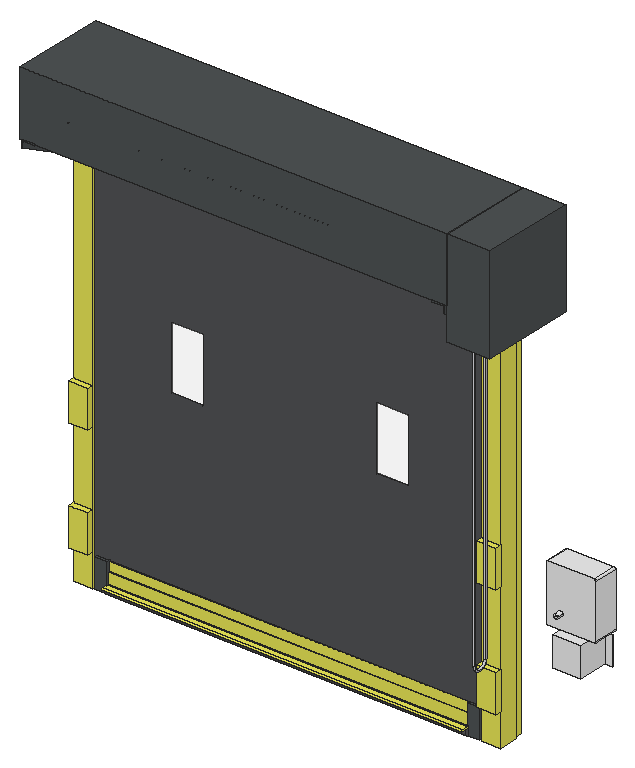
Revit family "Doors_Other_Overhead-Door-Corporation_RapidFlex-High-Speed-Exterior-Fabric-Door-995", category Specialty Equipment, host Wall, Revit 2019 (continued)
Definition of nested family "Lifts"
  Definition of nested family "General Motor"
    Automatic sketch dimensions
      Extrusion 7 sketch curve to plane 1 "Center (Front/Back)" = 0' - 0 1/4"
      level to Extrusion 7 sketch curve = 0' - 0.846"
      Extrusion 7 sketch curve to level = 0' - 5.846"
      Extrusion 8 sketch curve to plane 6 = 0' - 0"
      Extrusion 8 sketch curve to plane 1 "Center (Front/Back)" = 0' - 10.6"
      Extrusion 8 sketch curve to Extrusion 8 sketch curve = 0' - 2.6"
      Extrusion 9 sketch curve to plane 1 "Center (Front/Back)" = 0' - 8.066"
      Extrusion 9 sketch curve to level = 1' - 7.69509"
      Sweep 10 sketch curve to profile plane = 0' - 0.2675"
      profile plane to Sweep 10 sketch curve = 0' - 3.18196"
      Masking region 2 sketch curve to plane 3 "Center (Left/Right)" = 0' - 0"
      Masking region 2 sketch curve to plane 3 "Center (Left/Right)" = 0' - 1.97"  (x2)
      Masking region 2 sketch curve to Masking region 2 sketch curve = 0' - 0.53"  (x4)
      plane 3 "Center (Left/Right)" to Masking region 2 sketch curve = 0' - 1.97"  (x2)
      Masking region 2 sketch curve to plane 1 "Center (Front/Back)" = 0' - 1.18157"  (x2)
      Masking region 2 sketch curve to Masking region 2 sketch curve = 0' - 0.39"  (x4)
      Masking region 2 sketch curve to Masking region 2 sketch curve = 0' - 2.93885"  (x2)
      Masking region 2 sketch curve to Masking region 2 sketch curve = 0' - 3.16557"
      Masking region 1 sketch curve to Masking region 1 sketch curve = 0' - 0"  (x2)
      plane 1 "Center (Front/Back)" to Masking region 1 sketch curve = 0' - 0"
      Masking region 1 sketch curve to plane 3 "Center (Left/Right)" = 0' - 0"
      Masking region 1 sketch curve to plane 1 "Center (Front/Back)" = 0' - 0 1/4"
      Masking region 1 sketch curve to plane 3 "Center (Left/Right)" = 0' - 1.14825"
      Masking region 1 sketch curve to plane 3 "Center (Left/Right)" = 0' - 1.97"
      Masking region 1 sketch curve to Masking region 1 sketch curve = 0' - 0.82175"
      Masking region 1 sketch curve to Masking region 1 sketch curve = 0' - 0.25576"  (x2)
      Masking region 1 sketch curve to Masking region 1 sketch curve = 0' - 0.53"  (x2)
      Masking region 1 sketch curve to plane 3 "Center (Left/Right)" = 0' - 2 1/2"
      plane 3 "Center (Left/Right)" to Masking region 1 sketch curve = 0' - 1.97"  (x2)
      plane 3 "Center (Left/Right)" to Masking region 1 sketch curve = 0' - 2 1/2"
      Masking region 1 sketch curve to Masking region 1 sketch curve = 0' - 0.33924"  (x2)
      Masking region 1 sketch curve to Masking region 1 sketch curve = 0' - 0.065"
      Masking region 1 sketch curve to Masking region 1 sketch curve = 0' - 1.23391"
      Masking region 1 sketch curve to Masking region 1 sketch curve = 0' - 2.07141"
      Masking region 1 sketch curve to Masking region 1 sketch curve = 0' - 0.14434"
      Masking region 1 sketch curve to Masking region 1 sketch curve = 0' - 1.68009"
      Masking region 1 sketch curve to Masking region 1 sketch curve = 0' - 0 1/4"
      Masking region 1 sketch curve to plane 1 "Center (Front/Back)" = 0' - 0.25881"
      Masking region 1 sketch curve to Masking region 1 sketch curve = 0' - 0.92276"  (x2)
      Masking region 1 sketch curve to plane 1 "Center (Front/Back)" = 0' - 1.755"
      Masking region 1 sketch curve to Masking region 1 sketch curve = 0' - 0.06699"
      Masking region 1 sketch curve to Masking region 1 sketch curve = 0' - 1.67401"
      Masking region 1 sketch curve to Masking region 1 sketch curve = 0' - 3.71885"  (x2)
      Masking region 1 sketch curve to Masking region 1 sketch curve = 0' - 0.49957"
      Masking region 1 sketch curve to Masking region 1 sketch curve = 0' - 0.97228"
      Masking region 1 sketch curve to Masking region 1 sketch curve = 0' - 1.47185"
      Masking region 1 sketch curve to Masking region 1 sketch curve = 0' - 0.35372"
      Masking region 1 sketch curve to Masking region 1 sketch curve = 0' - 2.68"  (x2)
      Masking region 1 sketch curve to Masking region 1 sketch curve = 0' - 1.194"
      Masking region 1 sketch curve to Masking region 1 sketch curve = 0' - 4.469"
      curve 6 to plane 3 "Center (Left/Right)" = 0' - 2 1/2"
      curve 1 to plane 1 "Center (Front/Back)" = 0' - 0.626"
      curve 1 to plane 3 "Center (Left/Right)" = 0' - 1.97"
      curve 2 to plane 1 "Center (Front/Back)" = 0' - 0.626"
      plane 3 "Center (Left/Right)" to curve 2 = 0' - 1.97"
      curve 2 to curve 3 = 0' - 0.53"
      curve 3 to curve 5 = 0' - 0.065"
      curve 5 to curve 4 = 0' - 0.005"
      curve 2 to curve 4 = 0' - 4.774"
      curve 4 to curve 2 = 0' - 0.97228"
      curve 1 to curve 2 = 0' - 0"
      curve 2 to curve 4 = 0' - 1.31333"
      curve 4 to curve 5 = 0' - 0.79317"
      curve 1 to curve 6 = 0' - 2.40055"
      curve 5 to curve 3 = 0' - 0.29406"
      curve 6 to curve 6 = 0' - 0.63317"
      curve 3 to curve 5 = 0' - 0.63317"
      curve 5 to curve 3 = 0' - 4.469"
      Extrusion 11 sketch curve to plane 13 = 0' - 0"
      radius of Extrusion 9 sketch curve = 0' - 1.34"
      radius of Sweep 10 sketch curve = 0' - 0.2675"
      radius of Masking region 2 sketch curve = 0' - 2.598"
Definition of nested family "Panel"
  Parameters (values of type "Panel")
    Window Width = 0' - 10"  # constant formula
    Window Thickness = 0' - 0.16"  # constant formula
    Window Material = none
    Window Height = 1' - 8"
    Width = 10' - 0"
    Void Offset = if(VP, 0' 0", 0' 3")  # 0' - 0"
    VP = yes
    Panel Material = none
    Offset = (Width / (Array Count Real * 2)) - 0' 10" / 2  # 2' - 1"
    No VP = not(VP)  # no
    New Offset = if(Height Real < 5' 2 1/2" + Window Height + 0' 1", Height Real - Window Height - 0' 1", 5' 2 1/2")  # 5' - 2 1/2"
    Negative Window Thickness = -Window Thickness  # -0' - 0.16"
    Hood Offset = 0' - 0"
    Hood Height = 1' - 8 51/128"
    Height Real = Height + Header Height - Hood Offset - Hood Height + 7' 3" / 256  # 11' - 4 209/256"
    Height = 10' - 0"
    Header Height = 3' - 0 7/8"
    Finish Material = none
    Default Elevation = 4' - 0"
    Array Count Real = if(Array Count = 1, 2, Array Count)  # 2
    Array Count = if(Width < 10' 4", 2, if(Width < 16' 4", 4, if(Width < 22' 4", 6, if(Width < 28' 4", 8, 10))))  # 2
    1 Window Offset = if(Array Count = 3, Width / 2, 0' 6" + (Window Width / 2))  # 0' - 11"
  Reference planes (in)
    plane 1 "Center (Front/Back)": y = 0
    plane 2: z = 0
    plane 3 "Center (Left/Right)": x = 0
    plane 4: z = 136.81641
    plane 5: x = -60
    plane 6: x = 60
    plane 7: x = -68
    plane 8: x = 68
    plane 9: x = -37
    plane 10: x = 37
    plane 11: z = 62.5
    plane 12: z = 82.5
    plane 13: x = -62
    plane 14: x = 62
    plane 15 "Void": y = 0
  Forms (in)
    Extrusion 1, solid, material <- "Panel Material"
      sketch origin (0, 0, 0) x (1, 0, 0) y (0, 0, 1)
        loop
          line (-62, 0.5) -> (62, 0.5) -> (62, 136.81641) -> (-62, 136.81641) -> (-62, 0.5)
      from 0 to 0.16
    Extrusion 2, void
      sketch origin (-5, 0, 0) x (-1, 0, 0) y (0, 0, 1)
        loop
          line (32, 82.5) -> (22, 82.5) -> (22, 62.5) -> (32, 62.5) -> (32, 82.5)
      from -0.16 to 0
    Extrusion 3, void
      sketch origin (59, 0, 0) x (-1, 0, 0) y (0, 0, 1)
        loop
          line (32, 82.5) -> (22, 82.5) -> (22, 62.5) -> (32, 62.5) -> (32, 82.5)
      from -0.16 to 0
  Cuts and joins
    Extrusion 2, Extrusion 3 cuts Extrusion 1
  Dimensions and locks (in)
    equal spacing: plane 5, plane 3 "Center (Left/Right)", plane 6
    "Width": plane 5 to plane 6
    "Height Real": plane 4 to level
    locked: plane 7 to plane 5 at 8
    locked: plane 6 to plane 8 at 8
    "Window Height": plane 12 to plane 11
    locked: Extrusion 1 sketch curve to level at 0.5
    plane 12 to plane 11 = 1' - 8"
    locked: plane 13 to plane 5 at 2
    locked: plane 6 to plane 14 at 2
    "Offset": plane 13 to plane 9
    "Offset": plane 14 to plane 10
    locked: Extrusion 1 to plane 1 "Center (Front/Back)" at 0.16
    "Void Offset": plane 1 "Center (Front/Back)" to plane 15 "Void"
    "New Offset": plane 11 to level
    "Window Height": Extrusion 2 sketch curve to Extrusion 2 sketch curve
    "Window Height": Extrusion 3 sketch curve to Extrusion 3 sketch curve
    group 1 to group 2 = 5' - 4"
    group 1 to group 2 = 0' - 0"  (x2)
    aligned and locked: plane 2 to level
    aligned and locked: Extrusion 1 sketch curve to plane 4
    aligned and locked: Extrusion 1 to plane 13
    aligned and locked: Extrusion 1 to plane 14
    aligned and locked: plane 9 to Extrusion 2
    aligned and locked: Extrusion 3 to plane 11
    aligned and locked: Extrusion 2 to plane 11
    aligned and locked: plane 10 to Extrusion 3
    aligned and locked: plane 15 "Void" to Extrusion 3
    aligned and locked: plane 15 "Void" to Extrusion 2
    aligned and locked: nested 1 to Extrusion 2  (x2)
    aligned and locked: nested 2 to Extrusion 3  (x2)
  Automatic sketch dimensions
    plane 5 to Extrusion 1 sketch curve = 0' - 2"
    Extrusion 1 sketch curve to plane 6 = 0' - 2"
    Extrusion 2 sketch curve to Extrusion 2 sketch curve = 0' - 10"
    Extrusion 3 sketch curve to Extrusion 3 sketch curve = 0' - 10"
  Nested families (in)
    nested 1: "Family1" at (-32, 0, 62.5), visible <- "VP", type "Family1"
      with Window Width 0' - 10", Window Height 1' - 8", Panel Thickness 0' - 0.16"
    nested 2: "Family1" at (32, 0, 62.5), visible <- "VP", type "Family1"
      with Window Width 0' - 10", Window Height 1' - 8", Panel Thickness 0' - 0.16"
  Definition of nested family "Family1"
    Parameters
      Window Width = 1' - 8"
      Window Height = 2' - 0.61266"
      Panel Thickness = 0' - 5.78738"
      Glass = none
      Default Elevation = 4' - 0"
    Reference planes (in)
      plane 1 "Center (Front/Back)": y = 0
      plane 2: z = 0
      plane 3 "Center (Left/Right)": x = 0
      plane 4: y = -5.78738
      plane 5: x = -10
      plane 6: x = 10
      plane 7: z = 24.61266
    Forms (in)
      Extrusion 1, solid, material <- "Glass"
        sketch origin (0, 0, 0) x (1, 0, 0) y (0, 1, 0)
          loop
            line (-10, -5.78738) -> (10, -5.78738) -> (10, 0) -> (-10, 0) -> (-10, -5.78738)
        from 0 to 24.61266
    Dimensions and locks (in)
      "Panel Thickness": plane 4 to plane 1 "Center (Front/Back)"
      "Window Height": plane 7 to level
      "Window Width": plane 5 to plane 6
      equal spacing: plane 5, plane 3 "Center (Left/Right)", plane 6
      aligned and locked: plane 2 to level
      aligned and locked: Extrusion 1 sketch curve to plane 5
      aligned and locked: Extrusion 1 sketch curve to plane 6
      aligned and locked: Extrusion 1 sketch curve to plane 1 "Center (Front/Back)"
      aligned and locked: Extrusion 1 sketch curve to plane 4
      aligned and locked: plane 7 to Extrusion 1
      aligned and locked: Extrusion 1 to level
Types (4): name | External Transformer | Voltage | Apparent Load Phase 3 | Apparent Load Phase 2 | Apparent Load Phase 1
  208 volts, three phase, 60 Hz (190-207 V range) | yes | 208 V | 2401.78 VA | 2401.78 VA | 2401.78 VA
  230 volts, three phase, 60 Hz (208-245 V range) | no | 230 V | 2655.81 VA | 2655.81 VA | 2655.81 VA
  460 volts, three phase, 60 Hz (456-495 V range) | no | 460 V | 5311.62 VA | 5311.62 VA | 5311.62 VA
  575 volts, three phase, 60 Hz | yes | 575 V | 6639.53 VA | 6639.53 VA | 6639.53 VA
